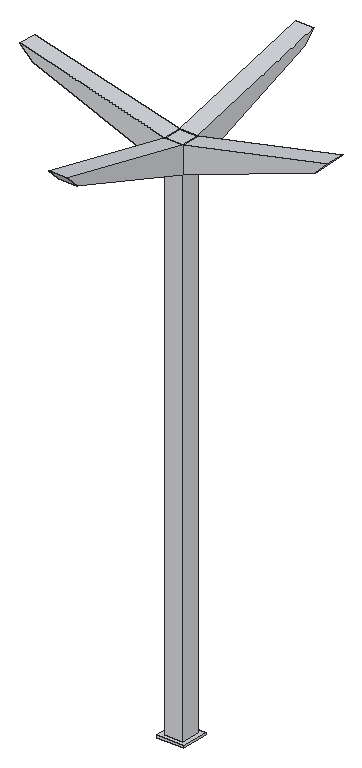
Revit family "K4", category Lighting Fixtures, host Face, Revit 2012
Parameters (values of type "K44")
  Voltage = 120 V
  URL = "http://www.aal.net/"
  Product Page URL = "http://www.aal.net/products/kick_small_scale/"
  Product Documentation Link = "http://www.aal.net/content/products/psg/psg_files/aal_k4_psg.pdf"
  Photometric Web [instance] = Web K4 : K4X-T3-7030
  Model = "Kick Small Scale"  # constant formula
  Materials [instance] = Knite : Light Grey
  Manufacturer Phone = "(626)-968-5666"  # constant formula
  Manufacturer Fax = "(626)-369-2695"  # constant formula
  Manufacturer = "Architectural Area Lighting"  # constant formula
  Lamp = "LED Lamp"
  Lamp-4 = yes
  Lamp-3 = yes
  Lamp-2 = yes
  Lamp-1 = yes
  Height = 10' - 0"
  Description = "Form follows Function"  # constant formula
  Default Elevation = 4' - 0"
  Apparent Load = 0 VA
Types (5): name | Photometric Web | Materials | Lamp-4 | Lamp-3 | Lamp-2 | Lamp-1
  (no name) | Web K4 : K4X-T3-7030 | Knite : Light Grey | yes | yes | yes | yes
  K41 | Web K4 : K4X-T4-MO-7030 | Knite : Arctic White | no | no | no | yes
  K42 | Web K4 : K4X-T4-MO-7030 | Knite : Arctic White | yes | no | yes | no
  K43 | Web K4 : K4X-T4-MO-7030 | Knite : Arctic White | yes | no | yes | yes
  K44 | Web K4 : K4X-T3-7030 | Knite : Light Grey | yes | yes | yes | yes
Reference planes (in)
  plane 1 "Center (Front/Back)": y = 0
  plane 2: z = 0
  plane 3 "Center (Left/Right)": x = 0
  plane 4: z = 0.5
  plane 5: y = 3
  plane 6: y = -3
  plane 7: x = -3
  plane 8: x = 3
  plane 9: x = 2
  plane 10: x = -2
  plane 11: y = 2
  plane 12: y = -2
  plane 13: z = 120
Dimensions and locks (in)
  locked: host sketch curve to host sketch curve at 48  (x2)
  equal spacing: host sketch curve, plane 3 "Center (Left/Right)", host sketch curve
  equal spacing: host sketch curve, plane 1 "Center (Front/Back)", host sketch curve
  plane 3 "Center (Left/Right)" to host sketch curve = 2' - 0"
  plane 1 "Center (Front/Back)" to host sketch curve = 2' - 0"
  locked: plane 4 to plane 2 at 0.5
  equal spacing: plane 7, plane 3 "Center (Left/Right)", plane 8
  locked: plane 7 to plane 8 at 6
  equal spacing: plane 5, plane 1 "Center (Front/Back)", plane 6
  locked: plane 5 to plane 6 at 6
  locked: plane 5 to plane 11 at 1
  equal spacing: plane 11, plane 1 "Center (Front/Back)", plane 12
  plane 11 to plane 12 = 0' - 4"
  equal spacing: plane 10, plane 3 "Center (Left/Right)", plane 9
  locked: plane 7 to plane 10 at 1
  "Height": plane 13 to plane 2
  aligned and locked: plane 2 to host face
  aligned and locked: level to host face
  aligned and locked: plane 3 "Center (Left/Right)" to nested 1
  aligned and locked: plane 1 "Center (Front/Back)" to nested 1
  aligned and locked: nested 1 to nested 3
  aligned and locked: nested 1 to nested 2
  aligned and locked: nested 5 to nested 1
  aligned and locked: nested 4 to nested 1
Nested families (in)
  nested 1: "Knite" at (0, 0, 0), Lamp-4 <- "Lamp-4", Lamp-3 <- "Lamp-3", Lamp-2 <- "Lamp-2", Lamp-1 <- "Lamp-1", Height <- "Height", type <- "Materials", type "Light Grey"
    with Lamp-4 yes, Lamp-3 yes, Lamp-2 yes, Lamp-1 yes, Height 10' - 0"
  nested 2: "Web K4" at (9.23477, -0.03999, 118.21861) x (-0.9401, 0, -0.3409) z (0.3409, 0, -0.9401), type <- "Photometric Web", visible <- "Lamp-2", type "K4X-T3-7030"
  nested 3: "Web K4" at (0.03999, 9.23477, 118.21861) x (0, -0.9401, -0.3409) z (0, 0.3409, -0.9401), type <- "Photometric Web", visible <- "Lamp-3", type "K4X-T3-7030"
  nested 4: "Web K4" at (-9.23477, 0.03999, 118.21861) x (0.9401, 0, -0.3409) z (-0.3409, 0, -0.9401), type <- "Photometric Web", visible <- "Lamp-4", type "K4X-T3-7030"
  nested 5: "Web K4" at (-0.03999, -9.23477, 118.21861) x (0, 0.9401, -0.3409) z (0, -0.3409, -0.9401), type <- "Photometric Web", visible <- "Lamp-1", type "K4X-T3-7030"
Connectors (in)
  electrical at (0, 0, 0), driven by "Description"
    settings: on nested 1, index 1, voltage 0 V, apparent load 0 VA, apparent load phase1 0 VA, apparent load phase2 0 VA, apparent load phase3 0 VA, power factor 1, load classification "Other", number of poles 1, system type 30, power factor state 1, is connector primary yes, connector utility no, sub classification motor no, connector description "Form follows Function"
Definition of nested family "Knite"
  Parameters (values of type "Antique Green")
    Voltage = 120 V
    URL = "http://www.aal.net/"
    Product Page URL = "http://www.aal.net/products/kick_small_scale/"
    Product Documentation Link = "http://www.aal.net/content/products/psg/psg_files/aal_k4_psg.pdf"
    Model = "Kick Small Scale"  # constant formula
    Manufacturer Phone = "(626)-968-5666"  # constant formula
    Manufacturer Fax = "(626)-369-2695"  # constant formula
    Manufacturer = "Architectural Area Lighting"  # constant formula
    Lamp-4 [instance] = no
    Lamp-3 [instance] = no
    Lamp-2 [instance] = no
    Lamp-1 [instance] = no
    Lamp = "LED Lamp"
    Height [instance] = 8' - 0"
    Glass = Glass
    Finish = Antique Green
    Description = "Form follows Function"  # constant formula
    Default Elevation = 4' - 0"
    Apparent Load = 0 VA
  Types (14): name | Lamp-3 | Finish
    gold | yes | Gold
    Black | no | Black
    Arctic White | no | Arctic White
    Matte Black | no | Matte Black
    Dark Green | no | Dark Green
    Dark Bronze | no | Dark Bronze
    Weathered Bronze | no | Weathered Bronze
    Metallic Bronze | no | Metallic Bronze
    Verde Blue | no | Verde Blue
    Corten | no | Corten
    Matte Aluminum | no | Matte Aluminum
    Medium Grey | no | Medium Grey
    Antique Green | no | Antique Green
    Light Grey | no | Light Grey
  Reference planes (in)
    plane 1 "Center (Front/Back)": y = 0
    plane 2: z = 0
    plane 3 "Center (Left/Right)": x = 0
    plane 4: z = 0.5
    plane 5: y = 3
    plane 6: y = -3
    plane 7: x = -3
    plane 8: x = 3
    plane 9: x = 2
    plane 10: x = -2
    plane 11: y = 2
    plane 12: y = -2
    plane 13: z = 96
  Forms (in)
    Extrusion 1, solid
      sketch origin (0, 0, 0) x (1, 0, 0) y (0, 1, 0)
        loop
          line (-24, 24) -> (-24, -24) -> (24, -24) -> (24, 24) -> (-24, 24)
      from 0 to -1.5
    Extrusion 2, solid, material "Antique Green" <- "Finish"
      sketch origin (0, 0, 0) x (1, 0, 0) y (0, 1, 0)
        loop
          line (-3, 3) -> (-3, -3) -> (3, -3) -> (3, 3) -> (-3, 3)
      from 0 to 0.5
    Extrusion 3, solid, material "Antique Green" <- "Finish"
      sketch origin (0, 0, 0) x (1, 0, 0) y (0, 1, 0)
        loop
          line (-2, 2) -> (-2, -2) -> (2, -2) -> (2, 2) -> (-2, 2)
      from 0 to 96
  Cuts and joins
    joined: Extrusion 2, Extrusion 3
  Dimensions and locks (in)
    locked: Extrusion 1 sketch curve to Extrusion 1 sketch curve at 48  (x2)
    equal spacing: Extrusion 1 sketch curve, plane 3 "Center (Left/Right)", Extrusion 1 sketch curve
    equal spacing: Extrusion 1 sketch curve, plane 1 "Center (Front/Back)", Extrusion 1 sketch curve
    plane 3 "Center (Left/Right)" to Extrusion 1 sketch curve = 2' - 0"
    plane 1 "Center (Front/Back)" to Extrusion 1 sketch curve = 2' - 0"
    locked: plane 4 to plane 2 at 0.5
    equal spacing: plane 7, plane 3 "Center (Left/Right)", plane 8
    locked: plane 7 to plane 8 at 6
    equal spacing: plane 5, plane 1 "Center (Front/Back)", plane 6
    locked: plane 5 to plane 6 at 6
    locked: plane 5 to plane 11 at 1
    equal spacing: plane 11, plane 1 "Center (Front/Back)", plane 12
    plane 11 to plane 12 = 0' - 4"
    equal spacing: plane 10, plane 3 "Center (Left/Right)", plane 9
    locked: plane 7 to plane 10 at 1
    "Height": plane 13 to plane 2
    aligned and locked: plane 2 to Extrusion 1
    aligned and locked: level to Extrusion 1
    aligned and locked: Extrusion 2 sketch curve to plane 5
    aligned and locked: plane 7 to Extrusion 2 sketch curve
    aligned and locked: plane 6 to Extrusion 2 sketch curve
    aligned and locked: Extrusion 2 sketch curve to plane 8
    aligned and locked: plane 4 to Extrusion 2
    aligned and locked: Extrusion 3 sketch curve to plane 11
    aligned and locked: plane 10 to Extrusion 3 sketch curve
    aligned and locked: plane 12 to Extrusion 3 sketch curve
    aligned and locked: Extrusion 3 sketch curve to plane 9
    aligned and locked: plane 13 to Extrusion 3
    aligned and locked: nested 3 to plane 1 "Center (Front/Back)"
    aligned and locked: plane 1 "Center (Front/Back)" to nested 2
    aligned and locked: plane 3 "Center (Left/Right)" to nested 1
    aligned and locked: nested 4 to plane 3 "Center (Left/Right)"
    aligned and locked: plane 13 to nested 3
    aligned and locked: plane 13 to nested 2
    aligned and locked: plane 13 to nested 1
    aligned and locked: plane 13 to nested 4
  Nested families (in)
    nested 1: "Side Mounted" at (0, 2, 96) x (1, 0, 0) z (0, 1, 0), Glass <- "Glass", Finish <- "Finish", visible <- "Lamp-3", type "Side Mounted"
      with Glass Glass, Finish Antique Green
    nested 2: "Side Mounted" at (2, 0, 96) x (0, -1, 0) z (1, 0, 0), Finish <- "Finish", Glass <- "Glass", visible <- "Lamp-2", type "Side Mounted"
      with Glass Glass, Finish Antique Green
    nested 3: "Side Mounted" at (-2, 0, 96) x (0, 1, 0) z (-1, 0, 0), Finish <- "Finish", Glass <- "Glass", visible <- "Lamp-4", type "Side Mounted"
      with Glass Glass, Finish Antique Green
    nested 4: "Side Mounted" at (0, -2, 96) x (-1, 0, 0) z (0, -1, 0), Finish <- "Finish", Glass <- "Glass", visible <- "Lamp-1", type "Side Mounted"
      with Glass Glass, Finish Antique Green
  Definition of nested family "Side Mounted"
    Parameters (values of type "Side Mounted")
      Voltage = 120 V
      URL = "http://www.kurtversen.com/"
      Product Page URL = "http://www.kurtversen.com/products/a7248_a7249"
      Product Documentation Link = "http://www.kurtversen.com/content/products/specs/specs_files/kv_a7248_7249_page.pdf"
      Model = "A7248"  # constant formula
      Manufacturer Phone = "(201)-664-8200"  # constant formula
      Manufacturer Fax = "(201)-664-4801"  # constant formula
      Manufacturer = "Kurtversen Lighting"  # constant formula
      Lamp = "LED Lamp"
      Glass [instance] = Glass
      Finish [instance] = Matte Black
      Description = "Wide Directioal-Downlights, 6 Inch Conoid Aperture"  # constant formula
      Default Elevation = 4' - 0"
      Apparent Load = 0 VA
    Reference planes (in)
      plane 1 "Center (Front/Back)": y = 0
      plane 2: z = 0
      plane 3 "Center (Left/Right)": x = 0
      plane 4: x = -2
      plane 5: x = 2
      plane 6: z = 32.4
      plane 7: x = -1.75
      plane 8: x = 1.75
      plane 9: y = 6
      plane 10: y = -7.5
      plane 11: y = -4.75
      plane 12: z = 29.65
      plane 13: z = 29.15
      plane 14: z = 1
      plane 15: through (0, -6.16018, 29.13872) normal (0, -0.9401, -0.3409)
      plane 16: through (0, -6.16018, 29.13872) normal (0, -0.9401, -0.3409)
      plane 17: through (0, -4.98503, 29.56479) normal (0, -0.9401, -0.3409)
      plane 18: through (-17.83508, -169.28624, -45.83236) normal (0, -0.3409, 0.9401)
    Forms (in)
      Extrusion 1, solid
        sketch origin (0, 0, 0) x (1, 0, 0) y (0, 1, 0)
          loop
            line (-24, 24) -> (-24, -24) -> (24, -24) -> (24, 24) -> (-24, 24)
        from 0 to -1.5
      Extrusion 2, solid, material "Matte Black" <- "Finish"
        sketch origin (0, 0, 0) x (0, 1, 0) y (0, 0, 1)
          loop
            line (-7.5, 32.4) -> (0, 0) -> (6, 0) -> (-4.75, 29.65) -> (-7.5, 32.4)
        from -2 to 2
      Extrusion 3, void
        sketch origin (0, 0, 0) x (0, 1, 0) y (0, 0, 1)
          loop
            line (5.63744, 1) -> (-4.56872, 29.15) -> (-6.16426, 29.15) -> (4.04189, 1) -> (5.63744, 1)
        from -1.75 to 1.75
      Extrusion 4, solid, material "Glass" <- "Glass"
        sketch origin (0, 0, 0) x (0, 1, 0) y (0, 0, 1)
          loop
            line (-4.56872, 29.15) -> (-4.83464, 29.15) -> (5.37151, 1) -> (5.63744, 1) -> (-4.56872, 29.15)
        from -1.75 to 1.75
    Cuts and joins
      Extrusion 3 cuts Extrusion 2
    Lines and regions (in)
      reference lines
        curve 1: line (0, 8.78285, 18.72894) -> (0, -10.25452, 11.82669)
    Dimensions and locks (in)
      locked: Extrusion 1 sketch curve to Extrusion 1 sketch curve at 48  (x2)
      equal spacing: Extrusion 1 sketch curve, plane 3 "Center (Left/Right)", Extrusion 1 sketch curve
      equal spacing: Extrusion 1 sketch curve, plane 1 "Center (Front/Back)", Extrusion 1 sketch curve
      plane 3 "Center (Left/Right)" to Extrusion 1 sketch curve = 2' - 0"
      plane 1 "Center (Front/Back)" to Extrusion 1 sketch curve = 2' - 0"
      equal spacing: plane 5, plane 3 "Center (Left/Right)", plane 4
      locked: plane 5 to plane 4 at 4
      locked: plane 6 to plane 2 at 32.4
      plane 6 to plane 2 = 2' - 8.4"
      equal spacing: plane 8, plane 3 "Center (Left/Right)", plane 7
      locked: plane 7 to plane 4 at 0.25
      locked: plane 9 to plane 1 "Center (Front/Back)" at 6
      locked: plane 1 "Center (Front/Back)" to plane 10 at 7.5
      locked: plane 6 to plane 12 at 2.75
      locked: plane 11 to plane 10 at 2.75
      locked: plane 14 to plane 2 at 1
      locked: plane 12 to plane 13 at 0.5
      locked: cut or joined group of Extrusion 2, Extrusion 3 to cut or joined group of Extrusion 2, Extrusion 3 at 1.5
      locked: plane 17 to cut or joined group of Extrusion 2, Extrusion 3 at 0.25
      locked: plane 16 to plane 9 (angle 19.9288°)
      locked: plane 16 to plane 18 (angle 90.00°)
      aligned and locked: plane 2 to Extrusion 1
      aligned and locked: level to Extrusion 1
      aligned and locked: plane 6 to Extrusion 2 sketch curve
      aligned and locked: plane 10 to Extrusion 2 sketch curve
      aligned and locked: plane 1 "Center (Front/Back)" to Extrusion 2 sketch curve
      aligned and locked: plane 2 to Extrusion 2 sketch curve
      aligned and locked: plane 9 to Extrusion 2 sketch curve
      aligned and locked: plane 12 to Extrusion 2 sketch curve
      aligned and locked: plane 11 to Extrusion 2 sketch curve
      aligned and locked: Extrusion 2 to plane 4
      aligned and locked: Extrusion 2 to plane 5
      aligned and locked: Extrusion 2 to Extrusion 3 sketch curve
      aligned and locked: plane 15 to Extrusion 3 sketch curve
      aligned and locked: plane 13 to Extrusion 3 sketch curve
      aligned and locked: plane 16 to cut or joined group of Extrusion 2, Extrusion 3
      aligned and locked: plane 14 to Extrusion 3 sketch curve
      aligned and locked: cut or joined group of Extrusion 2, Extrusion 3 to Extrusion 4 sketch curve
      aligned and locked: plane 14 to Extrusion 4 sketch curve
      aligned and locked: Extrusion 4 sketch curve to plane 13
      aligned and locked: Extrusion 4 to plane 7
      aligned and locked: plane 8 to Extrusion 4
      aligned and locked: Extrusion 3 to plane 7
      aligned and locked: plane 8 to Extrusion 3
      aligned and locked: curve 1 to plane 18
    Automatic sketch dimensions
      Extrusion 2 sketch curve to plane 6 = 0' - 0"
      plane 17 to Extrusion 4 sketch curve = 0' - 0"  (x2)
      plane 10 to curve 1 = 0' - 2.75452"
      curve 1 to plane 9 = 0' - 2.78285"
Definition of nested family "Web K4"
  Parameters (values of type "K4X-T2-MO-5030")
    Wattage Comments = ""
    Wattage = 55 W
    built-in parameter 1150110 = 1 (stored number, unit not read)
    URL = ""
    built-in parameter 1114217 = 1 (stored number, unit not read)
    Tilt Angle = -90.00°
    built-in parameter 1150109 = 1 (stored number, unit not read)
    built-in parameter 1150134 = (empty or 0)
    built-in parameter 1150113 = 1 (stored number, unit not read)
    Product Page URL = ""
    Product Documentation Link = ""
    Photometric Web File = "K4X-T2-MO-5030.ies"
    Model = ""
    Manufacturer Phone = ""
    Manufacturer Fax = ""
    Manufacturer = "Beacon Lighting"
    built-in parameter 1150105 = -22294750.5 (stored number, unit not read)
    Lumens = 4450.05 lm
    built-in parameter 1150115 = 1 (stored number, unit not read)
    built-in parameter 1150137 = (empty or 0)
    built-in parameter 1150139 = (empty or 0)
    built-in parameter 1150112 = 1 (stored number, unit not read)
    built-in parameter 1150114 = 1 (stored number, unit not read)
    Lamp = ""
    built-in parameter 1150132 = (empty or 0)
    built-in parameter 1150102 = (empty or 0)
    built-in parameter 1150107 = 3000 (stored number, unit not read)
    built-in parameter 1150138 = (empty or 0)
    built-in parameter 1150106 = -222947.5 (stored number, unit not read)
    built-in parameter 1150104 = 7.5168 (stored number, unit not read)
    Dimming Lamp Color Temperature Shift = (empty or 0)
    Description = ""
    Default Elevation = 4' - 0"
    Color Filter = 16777215
    built-in parameter 1114218 = 1 (stored number, unit not read)
    built-in parameter 1150133 = 10 (stored number, unit not read)
  Types (36): name | Photometric Web File
    K4X-T2-5030 | "K4X-T2-5030.ies"
    K4X-T2-5040 | "K4X-T2-5040.ies"
    K4X-T2-5050 | "K4X-T2-5050.ies"
    K4X-T2-7030 | "K4X-T2-7030.ies"
    K4X-T4-MO-7050 | "K4X-T4-MO-7050.ies"
    K4X-T2-7040 | "K4X-T2-7040.ies"
    K4X-T2-7050 | "K4X-T2-7050.ies"
    K4X-T2-MO-5030 | "K4X-T2-MO-5030.ies"
    K4X-T2-MO-5040 | "K4X-T2-MO-5040.ies"
    K4X-T2-MO-5050 | "K4X-T2-MO-5050.ies"
    K4X-T2-MO-7030 | "K4X-T2-MO-7030.ies"
    K4X-T2-MO-7040 | "K4X-T2-MO-7040.ies"
    K4X-T2-MO-7050 | "K4X-T2-MO-7050.ies"
    K4X-T3-5030 | "K4X-T3-5030.ies"
    K4X-T3-5040 | "K4X-T3-5040.IES"
    K4X-T3-5050 | "K4X-T3-5050.ies"
    K4X-T3-7030 | "K4X-T3-7030.ies"
    K4X-T3-7040 | "K4X-T3-7040.ies"
    K4X-T3-7050 | "K4X-T3-7050.ies"
    K4X-T3-MO-5030 | "K4X-T3-MO-5030.ies"
    K4X-T3-MO-5040 | "K4X-T3-MO-5040.ies"
    K4X-T3-MO-5050 | "K4X-T3-MO-5050.ies"
    K4X-T3-MO-7030 | "K4X-T3-MO-7030.ies"
    K4X-T3-MO-7040 | "K4X-T3-MO-7040.ies"
    K4X-T3-MO-7050 | "K4X-T3-MO-7050.ies"
    K4X-T4-5030 | "K4X-T4-5030.ies"
    K4X-T4-5040 | "K4X-T4-5040.IES"
    K4X-T4-5050 | "K4X-T4-5050.ies"
    K4X-T4-7030 | "K4X-T4-7030.ies"
    K4X-T4-7040 | "K4X-T4-7040.ies"
    K4X-T4-7050 | "K4X-T4-7050.ies"
    K4X-T4-MO-5030 | "K4X-T4-MO-5030.ies"
    K4X-T4-MO-5040 | "K4X-T4-MO-5040.ies"
    K4X-T4-MO-5050 | "K4X-T4-MO-5050.ies"
    K4X-T4-MO-7030 | "K4X-T4-MO-7030.ies"
    K4X-T4-MO-7040 | "K4X-T4-MO-7040.ies"
  Reference planes (in)
    plane 1 "Center (Front/Back)": y = 0.03999
    plane 2: z = 0
    plane 3 "Center (Left/Right)": x = -0.23896
  Forms (in)
    Extrusion 1, solid
      sketch origin (0, 0, 0.06357) x (1, 0, 0) y (0, 1, 0)
        loop
          line (-48, 48) -> (-48, -48) -> (48, -48) -> (48, 48) -> (-48, 48)
      from -0.06357 to -13.79058
  Lines and regions (in)
    reference lines
      curve 1: line (-0.23896, 0.03999, 18.11448) -> (-0.23896, 0.03999, -22.88552)
      curve 2: line (-0.23896, 0.03999, 34) -> (-0.23896, 0.03999, -22.88552)
  Dimensions and locks (in)
    aligned and locked: plane 2 to Extrusion 1
    aligned and locked: level to Extrusion 1
    aligned and locked: Extrusion 1 to imposter light
    aligned and locked: plane 3 "Center (Left/Right)" to imposter light
    aligned and locked: imposter light to plane 1 "Center (Front/Back)"
    aligned and locked: curve 1 to plane 3 "Center (Left/Right)"
    aligned and locked: plane 1 "Center (Front/Back)" to curve 2
